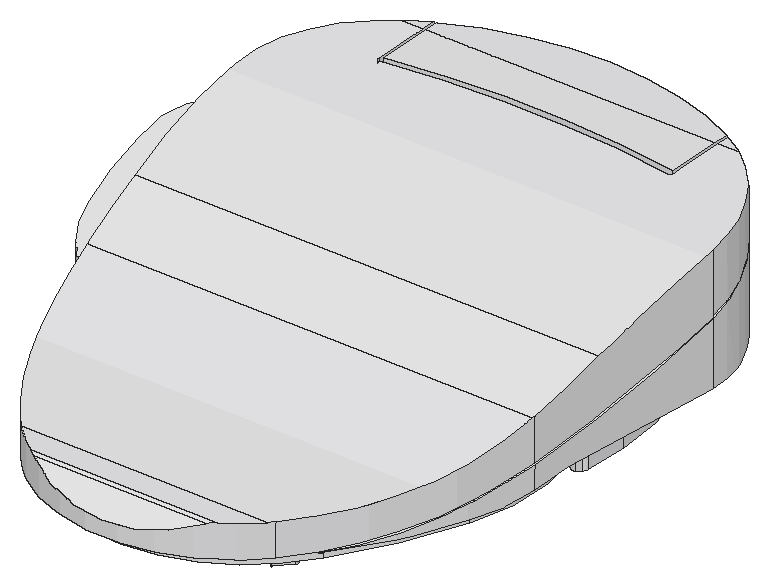
Revit family "Bidet_Seat-Elongated_Closed_Front-Cleansing-KOHLER-C3-149L-K-77284T_1", category Plumbing Fixtures, host Face, Revit 2017
Family settings
  Host = Face
  Round Connector Dimension = Use Diameter
  Part Type = Normal
  OmniClass Number = 23.31.19.19.17
  OmniClass Title = Water Closet Seats
  Cut with Voids When Loaded = No
  Shared = No
  Room Calculation Point = No
Parameters (values of type "0-White")
  Width = 17 163/256"  # constant formula
  WaterSense Certified = 1 = 1  # yes
  Waste Water Outlet = "Waste Water Outlet"  # constant formula
  Waste Connection = 1 = 0  # no
  Voltage = 220 V  # constant formula
  Vent Connection = 1 = 0  # no
  URL = "http://www.kohler.com.cn/"
  Type = 1
  Product Page URL = "https://www.kohler.com.cn/product/K-77284T-0/K-77284T-0/"
  Product Name = "C3-149L"  # constant formula
  Product Documentation Link = "https://files.kohler.com.cn/pdfs/1518002805547_77817T-0%E5%AE%89%E8%A3%85.pdf"
  Pressure = 0.00 psi
  Model = "K-77284T-0"  # constant formula
  Material = "Plastic"  # constant formula
  Master Format 2014 Name = "Toilet, Bath, and Laundry Accessories"  # constant formula
  Master Format 2014 = "10 28 00"  # constant formula
  Manufacturer Address = "Kohler Beijing Office (100016) 36-2-03-B, No. 88, Liuxiang Road, Beijing"  # constant formula
  Manufacturer = "KOHLER Co."  # constant formula
  Length = 20 171/256"  # constant formula
  Hot Water Inlet = "Hot Water Inlet"  # constant formula
  Height = 5.11811"  # constant formula
  HW Connection = 1 = 0  # no
  Flow Rate = 0 GPM
  Finish = Kohler-Plastic-0-White
  Environmental Product Declaration = ""
  Electrical Note = "One Dedicated Circuit Required"  # constant formula
  Electrical Connector = 1 = 1  # yes
  Description = "Qingshubao Smart Toilet Cover"  # constant formula
  Default Elevation = 15"
  Declare Label = ""
  Date Modified = "06/25/2021"  # constant formula
  Date Created = "06/25/2021"  # constant formula
  Copyright = "Copyright KOHLER Co."  # constant formula
  Contact Us = "http://www.kohler.com.cn/contact/contact-us/"
  Cold Water Inlet = "Cold Water Inlet"  # constant formula
  CW Connection = 1 = 1  # yes
  Assembly Code = "C1030200"
  Apparent Load = 2200 VA  # constant formula
  ADA Compliant = 1 = 0  # no
Reference planes (in)
  plane 1 "Center (Front/Back)": y = 0
  plane 2: z = 0
  plane 3 "Center (Left/Right)": x = 0
  plane 4: x = -9.88135
  plane 5: x = 7.75537
  plane 6: x = -7.75537
  plane 7: y = 10.33398
  plane 8: y = -10.33398
  plane 9: y = -1.55578
  plane 10: z = 5.11811
  plane 11: z = 0.36061
  plane 12: z = 1.4236
  plane 13: z = -0.58427
  plane 14: z = 0
  plane 15: z = 0
  plane 16: z = 2.46875
  plane 17: z = 2.07504
  plane 18: y = 6.85229
  plane 19: x = -7.20804
Forms (in)
  Extrusion 1, void
    sketch origin (0, 0, 0) x (0, 1, 0) y (0, 0, 1)
      loop
        line (5.89834, 0) -> (3.76218, 0) -> (3.76218, -0.66167) -> (5.89834, -0.66167) -> (5.89834, 0)
    from -0.85559 to 0.84374
  Extrusion 2, void
    sketch origin (0, 0, 0) x (1, 0, 0) y (0, 1, 0)
      loop
        line (-3.58717, -7.94985) -> (-2.82128, -6.83302)
        arc (-2.82128, -6.83302) -> (-2.8006, -6.76373) -> (-2.82418, -6.69538) r 0.11811
        line (-2.82418, -6.69538) -> (-3.04006, -6.40739)
        arc (-3.04006, -6.40739) -> (-3.09953, -6.37596) -> (-3.16158, -6.40193) r 0.07874
        line (-3.16158, -6.40193) -> (-4.03487, -7.37183)
        arc (-4.03487, -7.37183) -> (-4.05507, -7.42245) -> (-4.03755, -7.47407) r 0.07874
        line (-4.03755, -7.47407) -> (-3.65023, -7.95236)
        arc (-3.65023, -7.95236) -> (-3.61807, -7.96692) -> (-3.58717, -7.94985) r 0.03937
      loop
        line (2.82128, -6.83302) -> (3.58717, -7.94985)
        arc (3.58717, -7.94985) -> (3.61807, -7.96692) -> (3.65023, -7.95236) r 0.03937
        line (3.65023, -7.95236) -> (4.03755, -7.47407)
        arc (4.03755, -7.47407) -> (4.05507, -7.42245) -> (4.03487, -7.37183) r 0.07874
        line (4.03487, -7.37183) -> (3.16158, -6.40193)
        arc (3.16158, -6.40193) -> (3.09953, -6.37596) -> (3.04006, -6.40739) r 0.07874
        line (3.04006, -6.40739) -> (2.82418, -6.69538)
        arc (2.82418, -6.69538) -> (2.8006, -6.76373) -> (2.82128, -6.83302) r 0.11811
    from -0.42803 to 0.63659
Dimensions and locks (in)
  "Width": plane 4 to plane 5
  "Length": plane 8 to plane 7
  equal spacing: plane 8, plane 1 "Center (Front/Back)", plane 7
  equal spacing: plane 6, plane 3 "Center (Left/Right)", plane 5
  locked: plane 4 to plane 6 at 2.12598
  plane 6 to plane 5 = 15.51073"
  locked: plane 9 to plane 7 at 11.88976
  "Height": level to plane 10
  plane 12 to level = 1.4236"
  plane 11 to level = 0.36061"
  level to plane 13 = 0.58427"
  aligned and locked: plane 2 to host face
  aligned and locked: level to host face
  aligned and locked: plane 3 "Center (Left/Right)" to nested 1
  aligned and locked: plane 1 "Center (Front/Back)" to nested 1
Automatic sketch dimensions
  host sketch curve to host sketch curve = 96"  (x2)
  Extrusion 1 sketch curve to level = 0"
  Extrusion 1 sketch curve to plane 18 = 3.0901"
  Extrusion 1 sketch curve to plane 13 = 0.07739"
  Extrusion 1 sketch curve to plane 18 = 0.95394"
  Extrusion 2 sketch curve to plane 19 = 3.17049"
  Extrusion 2 sketch curve to Extrusion 2 sketch curve = 0.00268"
  Extrusion 2 sketch curve to Extrusion 2 sketch curve = 0.06119"  (x2)
  Extrusion 2 sketch curve to Extrusion 2 sketch curve = 0.38731"
  Extrusion 2 sketch curve to Extrusion 2 sketch curve = 0.0306"  (x2)
  plane 8 to Extrusion 2 sketch curve = 2.38414"
  Extrusion 2 sketch curve to Extrusion 2 sketch curve = 0.03247"  (x2)
  Extrusion 2 sketch curve to Extrusion 2 sketch curve = 0.87329"
  Extrusion 2 sketch curve to Extrusion 2 sketch curve = 0.05852"  (x3)
  Extrusion 2 sketch curve to Extrusion 2 sketch curve = 0.063"  (x2)
  Extrusion 2 sketch curve to Extrusion 2 sketch curve = 0.18437"
  Extrusion 2 sketch curve to Extrusion 2 sketch curve = 0.09451"  (x2)
  Extrusion 2 sketch curve to Extrusion 2 sketch curve = 0.09741"
  Extrusion 2 sketch curve to Extrusion 2 sketch curve = 0.00251"  (x2)
  Extrusion 2 sketch curve to Extrusion 2 sketch curve = 0.47829"  (x2)
  Extrusion 2 sketch curve to Extrusion 2 sketch curve = 0.04955"  (x2)
  Extrusion 2 sketch curve to Extrusion 2 sketch curve = 0.59149"  (x2)
  Extrusion 2 sketch curve to Extrusion 2 sketch curve = 0.0668"  (x2)
  Extrusion 2 sketch curve to Extrusion 2 sketch curve = 0.3116"  (x2)
  Extrusion 2 sketch curve to Extrusion 2 sketch curve = 0.04723"  (x2)
  plane 3 "Center (Left/Right)" to Extrusion 2 sketch curve = 2.82128"
  Extrusion 2 sketch curve to Extrusion 2 sketch curve = 0.0029"
  Extrusion 2 sketch curve to Extrusion 2 sketch curve = 0.21588"
  Extrusion 2 sketch curve to Extrusion 2 sketch curve = 0.76589"
  Extrusion 2 sketch curve to Extrusion 2 sketch curve = 0.35672"
  plane 8 to Extrusion 2 sketch curve = 2.85992"
Nested families (in)
  nested 1: "K-77284T" at (0, 0, -0.62992), type "K-77284T"
Connectors (in)
  electrical at (-7.20826, 6.85166, 2.46875), driven by "Voltage", driven by "Apparent Load", driven by "Electrical Connector", driven by "Electrical Note"
    settings: on nested 1, index 1, voltage 220 V, apparent load 2200 VA, apparent load phase1 0 VA, apparent load phase2 0 VA, apparent load phase3 0 VA, power factor 1, load classification "Power", number of poles 1, system type 30, power factor state 1, is connector primary yes, connector utility yes, sub classification motor no, connector description "One Dedicated Circuit Required"
  piping at (-7.20826, 6.85166, 2.07504), diameter 0.5, driven by "Flow Rate", driven by "CW Connection", driven by "Cold Water Inlet"
    settings: on nested 1, index 2, connector inside diameter 24", connector length 0", flow factor 0, pipe flow 0 GPM, pressure drop 0.00 psi, fitting loss kfactor 0, connector angle 0.00°, fixture units 0, engagement length 0", angle of deflection 0.00°, flow configuration 0, flow direction 1, fitting loss method 0, system type 20, joint type 0, gender type 0, connector reference index -1, connector utility 1, adjustable connector no, is connector primary yes, connector description "Cold Water Inlet"
Definition of nested family "K-77284T"
  Parameters (values of type "K-77284T")
    Material = none
  Reference planes (in)
    plane 1 "Center (Front/Back)": y = 0
    plane 2: z = 0
    plane 3 "Center (Left/Right)": x = 0
    plane 4: x = 7.75591
    plane 5: x = -7.75591
    plane 6: y = 10.33465
    plane 7: y = -10.33465
    plane 8: x = -9.88189
    plane 9: z = 5.74803
    plane 10: z = 0.62992
    plane 11: z = 2.05352
    plane 12: z = 0.36061
    plane 13: y = -1.55512
    plane 14: z = 3.09867
    plane 15: z = 2.70497
  Forms (in)
    Extrusion 1, solid, material <- "Material", detail levels medium+fine
      sketch origin (0, 0, 0) x (1, 0, 0) y (0, 1, 0)
        loop
          arc (-4.1611, -8.43538) -> (0, -10.33465) -> (4.1611, -8.43538) r 5.50792
          arc (4.1611, -8.43538) -> (6.1734, -5.32654) -> (7.24698, -1.78229) r 13.25333
          arc (7.24698, -1.78229) -> (7.62848, 1.50716) -> (7.75591, 4.8162) r 43.03057
          spline (7.75591, 4.8162) -> (7.49156, 6.24503) -> (6.71674, 7.57536) -> (5.4842, 8.7181) -> (3.87777, 9.59517) -> (2.00733, 10.14659) -> (0, 10.33458) -> (-2.00732, 10.14656) -> (-3.87784, 9.5953) -> (-5.4841, 8.71838) -> (-6.71664, 7.57556) -> (-7.49152, 6.24469) -> (-7.75591, 4.8162)
          arc (-7.75591, 4.8162) -> (-7.62848, 1.50716) -> (-7.24698, -1.78229) r 43.03057
          arc (-7.24698, -1.78229) -> (-6.1734, -5.32654) -> (-4.1611, -8.43538) r 13.25333
      from 0.99806 to 5.74803
    Extrusion 2, void
      sketch origin (0, 0, 0) x (0, 1, 0) y (0, 0, 1)
        loop
          line (-9.43251, 2.05352) -> (-8.60086, 2.05352)
          arc (-8.60086, 2.05352) -> (-5.16909, 2.35718) -> (-1.84395, 3.25871) r 19.54405
          arc (-1.84395, 3.25871) -> (-0.67824, 3.69781) -> (0.481, 4.15373) r 86.12169
          arc (0.481, 4.15373) -> (4.52798, 5.3458) -> (8.72765, 5.74803) r 22.1254
          line (8.72765, 5.74803) -> (12.24934, 5.74803) -> (12.24934, 7.16535) -> (-11.37271, 7.16535) -> (-11.37271, 1.47352) -> (-10.33465, 1.47352) -> (-9.56676, 2.01119)
          arc (-9.56676, 2.01119) -> (-9.5029, 2.04269) -> (-9.43251, 2.05352) r 0.23406
      from -13.23151 to 11.10812
    Extrusion 3, void
      sketch origin (0, 0, 0) x (1, 0, 0) y (0, 1, 0)
        loop
          line (-4.79232, 9.63353) -> (-4.79232, 6.91421)
          arc (-4.79232, 6.91421) -> (-4.76926, 6.85853) -> (-4.71358, 6.83547) r 0.07874
          arc (-4.71358, 6.83547) -> (0, 7.15272) -> (4.71358, 6.83547) r 35.17403
          arc (4.71358, 6.83547) -> (4.76926, 6.85853) -> (4.79232, 6.91421) r 0.07874
          line (4.79232, 6.91421) -> (4.79232, 9.63353) -> (4.70977, 9.63353) -> (4.70977, 7.01709)
          arc (4.70977, 7.01709) -> (0, 7.35332) -> (-4.70977, 7.01709) r 33.154
          line (-4.70977, 7.01709) -> (-4.70977, 9.63353) -> (-4.79232, 9.63353)
      from 5.11346 to 8.77571
    Extrusion 4, solid, material <- "Material", detail levels medium+fine
      sketch origin (0, 0, 0) x (1, 0, 0) y (0, 1, 0)
        loop
          arc (-4.42629, -7.54412) -> (0.23535, -9.84584) -> (4.68689, -7.16021) r 5.41467
          arc (4.68689, -7.16021) -> (5.70383, -5.3598) -> (6.47059, -3.43946) r 15.41096
          arc (6.47059, -3.43946) -> (0, 5.45337) -> (-6.47059, -3.43946) r 6.80048
          arc (-6.47059, -3.43946) -> (-5.60196, -5.56825) -> (-4.42629, -7.54412) r 15.41096
        loop
          arc (-1.76588, -6.97058) -> (0.00015, -7.8686) -> (1.76619, -6.97058) r 2.18553
          arc (1.76619, -6.97058) -> (3.41428, -3.82058) -> (4.07249, -0.32695) r 12.06174
          arc (4.07249, -0.32695) -> (0, 3.90463) -> (-4.07249, -0.32695) r 4.07548
          arc (-4.07249, -0.32695) -> (-3.41428, -3.82058) -> (-1.76588, -6.97058) r 12.06174
      from 0.63622 to 1.55
    Extrusion 5, void
      sketch origin (0, 0, 0) x (0, 1, 0) y (0, 0, 1)
        loop
          line (-9.54724, 0.6362) -> (-9.54724, 0.36061) -> (10.76392, 0.36061) -> (10.76392, 1.35867) -> (-0.64333, 1.35867)
          arc (-0.64333, 1.35867) -> (-1.679, 1.17167) -> (-2.72027, 1.01891) r 31.91272
          arc (-2.72027, 1.01891) -> (-5.67278, 0.73198) -> (-8.63765, 0.6362) r 45.93796
          line (-8.63765, 0.6362) -> (-9.54724, 0.6362)
      from -9.84252 to 9.84252
    Extrusion 6, solid, material <- "Material", detail levels medium+fine
      sketch origin (0, 0, 0) x (1, 0, 0) y (0, 1, 0)
        loop
          line (-2.26156, 3.95799) -> (2.26156, 3.95799)
          arc (2.26156, 3.95799) -> (4.98122, 3.0196) -> (6.54353, 0.60376) r 4.41027
          arc (6.54353, 0.60376) -> (6.683, 0.3881) -> (6.92578, 0.30433) r 0.3937
          line (6.92578, 0.30433) -> (7.13441, 0.30433)
          arc (7.13441, 0.30433) -> (7.22308, 0.34106) -> (7.25981, 0.42973) r 0.12539
          line (7.25981, 0.42973) -> (7.25981, 1.82959)
          arc (7.25981, 1.82959) -> (0, 9.0894) -> (-7.25981, 1.82959) r 7.25981
          line (-7.25981, 1.82959) -> (-7.25981, 0.42973)
          arc (-7.25981, 0.42973) -> (-7.22308, 0.34106) -> (-7.13441, 0.30433) r 0.12539
          line (-7.13441, 0.30433) -> (-6.92578, 0.30433)
          arc (-6.92578, 0.30433) -> (-6.683, 0.3881) -> (-6.54353, 0.60376) r 0.3937
          arc (-6.54353, 0.60376) -> (-4.98122, 3.0196) -> (-2.26156, 3.95799) r 4.41027
      from 0.62992 to 1.35867
    Sweep 7, void
      path in 3D
        loop
          line (7.25981, 0.05794, 0.62992) -> (7.25981, 1.82959, 0.62992)
          arc (7.25981, 1.82959, 0.62992) -> (0, 9.0894, 0.62992) -> (-7.25981, 1.82959, 0.62992) r 7.25981
          line (-7.25981, 1.82959, 0.62992) -> (-7.25981, -0.2184, 0.62992)
      profile origin (0, 9.0894, 0.62992) x (0, 1, 0) y (0, 0, -1)
        loop
          line (0, 0) -> (-0.41994, 0) -> (0, -0.16615) -> (0, 0)
    Extrusion 8, void
      sketch origin (0, 0, 0) x (0, 1, 0) y (0, 0, 1)
        loop
          arc (9.15501, 5.11346) -> (9.01421, 4.69705) -> (8.64962, 4.45153) r 0.68617
          arc (8.64962, 4.45153) -> (2.52282, 2.89184) -> (-3.65438, 1.54552) r 182.31005
          arc (-3.65438, 1.54552) -> (-6.29738, 1.14613) -> (-8.96628, 0.99806) r 28.28005
          line (-8.96628, 0.99806) -> (-8.96628, 0.95239)
          arc (-8.96628, 0.95239) -> (-6.29289, 1.10068) -> (-3.64543, 1.50074) r 28.32572
          arc (-3.64543, 1.50074) -> (2.53331, 2.84739) -> (8.66165, 4.40747) r 182.35572
          arc (8.66165, 4.40747) -> (9.0504, 4.66942) -> (9.20053, 5.11346) r 0.7317
          line (9.20053, 5.11346) -> (9.15501, 5.11346)
      from -10.51441 to 9.84252
    Extrusion 9, solid, material <- "Material"
      sketch origin (0, 0, 0) x (1, 0, 0) y (0, 1, 0)
        loop
          line (-3.58717, -7.94985) -> (-2.82128, -6.83302)
          arc (-2.82128, -6.83302) -> (-2.8006, -6.76373) -> (-2.82418, -6.69538) r 0.11811
          line (-2.82418, -6.69538) -> (-3.04006, -6.40739)
          arc (-3.04006, -6.40739) -> (-3.09953, -6.37596) -> (-3.16158, -6.40193) r 0.07874
          line (-3.16158, -6.40193) -> (-4.03487, -7.37183)
          arc (-4.03487, -7.37183) -> (-4.05507, -7.42245) -> (-4.03755, -7.47407) r 0.07874
          line (-4.03755, -7.47407) -> (-3.65023, -7.95236)
          arc (-3.65023, -7.95236) -> (-3.61807, -7.96692) -> (-3.58717, -7.94985) r 0.03937
        loop
          arc (3.58717, -7.94985) -> (3.61807, -7.96692) -> (3.65023, -7.95236) r 0.03937
          line (3.65023, -7.95236) -> (4.03755, -7.47407)
          arc (4.03755, -7.47407) -> (4.05507, -7.42245) -> (4.03487, -7.37183) r 0.07874
          line (4.03487, -7.37183) -> (3.16158, -6.40193)
          arc (3.16158, -6.40193) -> (3.09953, -6.37596) -> (3.04006, -6.40739) r 0.07874
          line (3.04006, -6.40739) -> (2.82418, -6.69538)
          arc (2.82418, -6.69538) -> (2.8006, -6.76373) -> (2.82128, -6.83302) r 0.11811
          line (2.82128, -6.83302) -> (3.58717, -7.94985)
      from 0.36063 to 1.55
    Extrusion 10, solid, material <- "Material", detail levels medium+fine
      sketch origin (0, 0, 0.21297) x (0, 1, 0) y (0, 0, 1)
        loop
          arc (-2.39361, 0.48791) -> (-2.27889, 0.43518) -> (-2.15337, 0.42148) r 0.3937
          line (-2.15337, 0.42148) -> (-0.13671, 0.52717)
          arc (-0.13671, 0.52717) -> (-0.03555, 0.57115) -> (0.01193, 0.67071) r 0.15748
          line (0.01193, 0.67071) -> (0.05349, 1.1457) -> (-0.64333, 1.1457)
          arc (-0.64333, 1.1457) -> (-1.679, 0.95869) -> (-2.72027, 0.80594) r 31.91272
          arc (-2.72027, 0.80594) -> (-2.78174, 0.798) -> (-2.84321, 0.79014) r 45.93796
          line (-2.84321, 0.79014) -> (-2.39361, 0.48791)
      from 4.56709 to 6.44496
    Extrusion 11, solid, material <- "Material", detail levels medium+fine
      sketch origin (0, 0, 0.36061) x (0, 1, 0) y (0, 0, -1)
        loop
          line (-0.13671, -0.37953) -> (-2.15337, -0.27384)
          arc (-2.15337, -0.27384) -> (-2.27889, -0.28754) -> (-2.39361, -0.34027) r 0.3937
          line (-2.39361, -0.34027) -> (-3.0844, -0.80463) -> (0.07278, -1.21857) -> (0.01193, -0.52307)
          arc (0.01193, -0.52307) -> (-0.03555, -0.42352) -> (-0.13671, -0.37953) r 0.15748
      from 4.56709 to 6.44496
    Extrusion 12, solid, material <- "Material", detail levels medium+fine
      sketch origin (0, 0, 0) x (0, 1, 0) y (0, 0, 1)
        loop
          line (6.52211, 3.87117) -> (-1.53424, 1.6399)
          arc (-1.53424, 1.6399) -> (-1.54931, 1.62969) -> (-1.55512, 1.61245) r 0.02848
          line (-1.55512, 1.61245) -> (-1.55512, 1.52381)
          arc (-1.55512, 1.52381) -> (-1.5458, 1.50501) -> (-1.52519, 1.50105) r 0.02362
          line (-1.52519, 1.50105) -> (-1.48906, 1.51105) -> (-1.44456, 1.08759)
          arc (-1.44456, 1.08759) -> (-1.40488, 1.02156) -> (-1.3288, 1.00951) r 0.09113
          line (-1.3288, 1.00951) -> (6.06415, 3.1294)
          arc (6.06415, 3.1294) -> (6.28502, 3.26742) -> (6.39919, 3.5015) r 0.47244
          line (6.39919, 3.5015) -> (6.42444, 3.64474) -> (6.51892, 3.67183) -> (6.54966, 3.84613)
          arc (6.54966, 3.84613) -> (6.54278, 3.86625) -> (6.52211, 3.87117) r 0.02201
      from -10.56348 to -5.551
    Extrusion 13, void
      sketch origin (0, 0, 0) x (1, 0, 0) y (0, 1, 0)
        loop
          line (-6.89276, 6.78489) -> (-11.02662, 6.78489) -> (-11.02662, -1.55512) -> (-7.28161, -1.55512)
          arc (-7.28161, -1.55512) -> (-7.88353, -1.19172) -> (-8.43903, -0.76068) r 6.02524
          arc (-8.43903, -0.76068) -> (-9.12918, 0.05124) -> (-9.5525, 1.02914) r 3.61343
          arc (-9.5525, 1.02914) -> (-9.79919, 2.27548) -> (-9.88189, 3.54331) r 9.75979
          line (-9.88189, 3.54331) -> (-9.88189, 4.09677)
          arc (-9.88189, 4.09677) -> (-9.65858, 4.93018) -> (-9.04848, 5.54028) r 1.66682
          line (-9.04848, 5.54028) -> (-6.89276, 6.78489)
      from 0 to 9.84252
    Extrusion 14, solid, material <- "Material"
      sketch origin (0, 0, 0) x (0, 1, 0) y (0, 0, 1)
        loop
          line (5.84261, 0.62992) -> (4.05957, 0.62992) -> (4.05957, 0.22551) -> (4.01967, 0.22551) -> (4.01967, 0.14855) -> (4.27872, 0.04911)
          arc (4.27872, 0.04911) -> (4.34807, 0.02955) -> (4.41981, 0.02296) r 0.3937
          line (4.41981, 0.02296) -> (4.57874, 0.02296)
          arc (4.57874, 0.02296) -> (4.61548, 0.02882) -> (4.64858, 0.04582) r 0.11811
          line (4.64858, 0.04582) -> (4.83377, 0.18161)
          arc (4.83377, 0.18161) -> (4.85584, 0.19294) -> (4.88033, 0.19685) r 0.07874
          line (4.88033, 0.19685) -> (5.24585, 0.19685)
          arc (5.24585, 0.19685) -> (5.31229, 0.2084) -> (5.37094, 0.24171) r 0.19685
          line (5.37094, 0.24171) -> (5.84261, 0.62992)
      from -0.62921 to 0.55744
    Extrusion 15, solid, material <- "Material", detail levels coarse
      sketch origin (0, 0, 0) x (1, 0, 0) y (0, 1, 0)
        loop
          arc (-4.1611, -8.43538) -> (0, -10.33465) -> (4.1611, -8.43538) r 5.50792
          arc (4.1611, -8.43538) -> (6.1734, -5.32654) -> (7.24698, -1.78229) r 13.25333
          arc (7.24698, -1.78229) -> (7.62848, 1.50716) -> (7.75591, 4.8162) r 43.03057
          spline (7.75591, 4.8162) -> (7.49156, 6.24503) -> (6.71674, 7.57536) -> (5.4842, 8.7181) -> (3.87777, 9.59517) -> (2.00733, 10.14659) -> (0, 10.33458) -> (-2.00732, 10.14656) -> (-3.87784, 9.5953) -> (-5.4841, 8.71838) -> (-6.71664, 7.57556) -> (-7.49152, 6.24469) -> (-7.75591, 4.8162)
          arc (-7.75591, 4.8162) -> (-7.62848, 1.50716) -> (-7.24698, -1.78229) r 43.03057
          arc (-7.24698, -1.78229) -> (-6.1734, -5.32654) -> (-4.1611, -8.43538) r 13.25333
      from 0.62992 to 5.74803
    Extrusion 16, void
      sketch origin (0, 0, 0) x (0, 1, 0) y (0, 0, 1)
        loop
          line (-11.61776, 1.34062) -> (4.50398, 5.46003)
          arc (4.50398, 5.46003) -> (5.64019, 5.67575) -> (6.79444, 5.74803) r 9.25197
          line (6.79444, 5.74803) -> (6.79444, 6.85243) -> (-11.61776, 6.85243) -> (-11.61776, 1.34062)
      from -11.84352 to 9.84252
    Extrusion 17, solid, material <- "Material", detail levels coarse
      sketch origin (0, 0, 0) x (0, 1, 0) y (0, 0, 1)
        loop
          line (-1.48506, 0.9647) -> (6.68385, 3.3071) -> (6.52211, 3.87117) -> (-1.66224, 1.60445) -> (-1.48506, 0.9647)
      from -9.88189 to -4.79232
    Extrusion 18, solid, material <- "Material", detail levels medium+fine
      sketch origin (-4.96794, -3.6939, 0) x (0.5, 0.866025, 0) y (0, 0, 1)
        loop
          circle (8.01256, 3.09867) r 0.09843
        loop
          circle (8.01256, 2.70497) r 0.09843
      from -7.21296 to -7.15366
  Cuts and joins
    Extrusion 2, Extrusion 3, Extrusion 5, Extrusion 8 cuts Extrusion 1
    Sweep 7 cuts Extrusion 6
    joined: Extrusion 1, Extrusion 6, Extrusion 10, Extrusion 11
    Extrusion 13 cuts Extrusion 12
    joined: Extrusion 4, Extrusion 12
    Extrusion 16 cuts Extrusion 15
    joined: Extrusion 15, Extrusion 17
    joined: Extrusion 9, Extrusion 14
  Lines and regions (in)
    Masking region 1
      outline origin (0, 0, 0) x (1, 0, 0) y (0, 1, 0)
        loop
          arc (-4.1611, -8.43538) -> (0, -10.33465) -> (4.1611, -8.43538) r 5.50792
          arc (4.1611, -8.43538) -> (6.1734, -5.32654) -> (7.24698, -1.78229) r 13.25333
          arc (7.24698, -1.78229) -> (7.62848, 1.50716) -> (7.75591, 4.8162) r 43.03057
          spline (7.75591, 4.8162) -> (7.54099, 6.10628) -> (6.90817, 7.32486) -> (5.89251, 8.40441) -> (4.55029, 9.28512) -> (2.95589, 9.91815) -> (1.19769, 10.26845) -> (-0.62689, 10.31659) -> (-2.41672, 10.05991) -> (-4.07263, 9.51262) -> (-5.50283, 8.70507) -> (-6.62808, 7.682) -> (-7.386, 6.50011)
          line (-7.386, 6.50011) -> (-9.04848, 5.54028)
          arc (-9.04848, 5.54028) -> (-9.65858, 4.93018) -> (-9.88189, 4.09677) r 1.66682
          line (-9.88189, 4.09677) -> (-9.88189, 3.54331)
          arc (-9.88189, 3.54331) -> (-9.79919, 2.27548) -> (-9.5525, 1.02914) r 9.75979
          arc (-9.5525, 1.02914) -> (-9.12918, 0.05124) -> (-8.43903, -0.76068) r 3.61343
          arc (-8.43903, -0.76068) -> (-7.88284, -1.1922) -> (-7.28011, -1.55591) r 6.02524
          arc (-7.28011, -1.55591) -> (-6.22109, -5.22255) -> (-4.1611, -8.43538) r 13.25333
    Masking region 2
      outline origin (0, 0, 0) x (1, 0, 0) y (0, 0, 1)
        loop
          line (-9.88189, 3.19396) -> (-9.88189, 2.40656)
          spline (-9.88189, 2.40656) -> (-9.87959, 2.34549) -> (-9.87263, 2.28445) -> (-9.86101, 2.22346) -> (-9.84475, 2.16255) -> (-9.82384, 2.10175) -> (-9.7983, 2.04108) -> (-9.76814, 1.98058) -> (-9.73338, 1.92026) -> (-9.69402, 1.86016) -> (-9.65008, 1.8003) -> (-9.60159, 1.74071) -> (-9.54849, 1.68147)
          spline (-9.54849, 1.68147) -> (-9.49962, 1.6339) -> (-9.44263, 1.58701) -> (-9.37764, 1.54093) -> (-9.3048, 1.49574) -> (-9.22427, 1.45156) -> (-9.13623, 1.40848) -> (-9.04089, 1.36659) -> (-8.93845, 1.326) -> (-8.82914, 1.2868) -> (-8.71321, 1.24906) -> (-8.59093, 1.21289) -> (-8.46256, 1.17835)
          spline (-8.46256, 1.17835) -> (-8.39612, 1.16176) -> (-8.32878, 1.14544) -> (-8.26058, 1.1294) -> (-8.19153, 1.11364) -> (-8.12163, 1.09817) -> (-8.05091, 1.08298) -> (-7.97938, 1.06808) -> (-7.90705, 1.05348) -> (-7.83395, 1.03917) -> (-7.76009, 1.02516) -> (-7.68548, 1.01146) -> (-7.61015, 0.99806)
          line (-7.61015, 0.99806) -> (-7.26028, 0.99806) -> (-7.26028, 0.79626) -> (-6.83987, 0.62992) -> (-4.05509, 0.62992) -> (-4.05509, 0.36061) -> (-2.80057, 0.36061) -> (-2.80057, 0.62992) -> (-0.62921, 0.62992) -> (-0.62921, 0) -> (0.55744, 0) -> (0.55744, 0.62992) -> (2.80057, 0.62992) -> (2.80057, 0.36061) -> (4.05509, 0.36061) -> (4.05509, 0.63622) -> (6.85579, 0.63622) -> (7.26028, 0.79626) -> (7.26028, 0.99806)
          arc (7.26028, 0.99806) -> (7.61077, 1.14353) -> (7.75591, 1.49416) r 0.4961
          line (7.75591, 1.49416) -> (7.75591, 5.39954)
          spline (7.75591, 5.39954) -> (7.73615, 5.46586) -> (7.67937, 5.52425) -> (7.58528, 5.57513) -> (7.45575, 5.61849) -> (7.29327, 5.65437) -> (7.10076, 5.68327) -> (6.88117, 5.70585) -> (6.63719, 5.72279) -> (6.37156, 5.73479) -> (6.08741, 5.74255) -> (5.78725, 5.74676) -> (5.47074, 5.74803)
          line (5.47074, 5.74803) -> (-5.47104, 5.74803)
          spline (-5.47104, 5.74803) -> (-5.78753, 5.74676) -> (-6.08765, 5.74255) -> (-6.37175, 5.73479) -> (-6.63732, 5.72279) -> (-6.8812, 5.70585) -> (-7.10069, 5.68326) -> (-7.29315, 5.65436) -> (-7.45562, 5.61848) -> (-7.5852, 5.57512) -> (-7.67935, 5.52424) -> (-7.73616, 5.46585) -> (-7.75591, 5.39954)
          line (-7.75591, 5.39954) -> (-7.75591, 3.80593) -> (-9.07967, 3.59426)
          spline (-9.07967, 3.59426) -> (-9.19936, 3.57182) -> (-9.31158, 3.54678) -> (-9.41554, 3.51931) -> (-9.51049, 3.48962) -> (-9.59579, 3.4579) -> (-9.67081, 3.42439) -> (-9.73504, 3.38931) -> (-9.78801, 3.35293) -> (-9.82937, 3.31548) -> (-9.85881, 3.27724) -> (-9.87613, 3.23847) -> (-9.88121, 3.19945)
    Masking region 3
      outline origin (0, 0, 0) x (0, 1, 0) y (0, 0, 1)
        loop
          line (10.33465, 0.99806) -> (10.33465, 5.13131) -> (9.71792, 5.74803) -> (8.72765, 5.74803)
          arc (8.72765, 5.74803) -> (4.52798, 5.3458) -> (0.481, 4.15373) r 22.1254
          arc (0.481, 4.15373) -> (-0.64758, 3.70962) -> (-1.78229, 3.28145) r 86.12169
          arc (-1.78229, 3.28145) -> (-5.48656, 2.30497) -> (-9.30912, 2.05352) r 19.97649
          line (-9.30912, 2.05352) -> (-9.5444, 2.05352)
          arc (-9.5444, 2.05352) -> (-9.59175, 2.04624) -> (-9.63472, 2.02504) r 0.15748
          line (-9.63472, 2.02504) -> (-10.21481, 1.61886)
          arc (-10.21481, 1.61886) -> (-10.27323, 1.55455) -> (-10.29827, 1.47134) r 0.19685
          line (-10.29827, 1.47134) -> (-10.33465, 0.95116) -> (-9.85064, 0.95116) -> (-9.85064, 0.71494)
          arc (-9.85064, 0.71494) -> (-9.82758, 0.65926) -> (-9.7719, 0.6362) r 0.07874
          line (-9.7719, 0.6362) -> (-8.63765, 0.6362)
          arc (-8.63765, 0.6362) -> (-8.3033, 0.63742) -> (-7.96897, 0.64107) r 45.93796
          line (-7.96897, 0.64107) -> (-7.77259, 0.36061) -> (-6.45833, 0.36061) -> (-6.39119, 0.62992) -> (-6.00687, 0.62992)
          arc (-6.00687, 0.62992) -> (-4.23466, 0.68505) -> (-2.46931, 0.85021) r 28.51502
          line (-2.46931, 0.85021) -> (-2.34085, 0.76385)
          arc (-2.34085, 0.76385) -> (-2.13118, 0.66415) -> (-1.90156, 0.62992) r 0.7874
          line (-1.90156, 0.62992) -> (0.01267, 0.62992) -> (0.05773, 1.14497)
          arc (0.05773, 1.14497) -> (3.11114, 1.98523) -> (6.06415, 3.1294) r 31.33592
          arc (6.06415, 3.1294) -> (3.31449, 1.89212) -> (0.42643, 1.02575) r 22.9642
          arc (0.42643, 1.02575) -> (0.33859, 0.97043) -> (0.30433, 0.87243) r 0.15731
          line (0.30433, 0.87243) -> (0.30433, 0.62992) -> (4.05957, 0.62992) -> (4.05957, 0.22551) -> (4.01967, 0.22551) -> (4.01967, 0.14855) -> (4.27872, 0.04911)
          arc (4.27872, 0.04911) -> (4.34807, 0.02955) -> (4.41981, 0.02296) r 0.3937
          line (4.41981, 0.02296) -> (4.57874, 0.02296)
          arc (4.57874, 0.02296) -> (4.61548, 0.02882) -> (4.64858, 0.04582) r 0.11811
          line (4.64858, 0.04582) -> (4.83377, 0.18161)
          arc (4.83377, 0.18161) -> (4.85584, 0.19294) -> (4.88033, 0.19685) r 0.07874
          line (4.88033, 0.19685) -> (5.24585, 0.19685)
          arc (5.24585, 0.19685) -> (5.31229, 0.2084) -> (5.37094, 0.24171) r 0.19685
          line (5.37094, 0.24171) -> (5.84261, 0.62992) -> (8.66946, 0.62992) -> (9.0894, 0.79607) -> (9.0894, 0.99806)
          arc (9.0894, 0.99806) -> (9.25066, 1.15932) -> (9.41192, 0.99806) r 0.16126
          line (9.41192, 0.99806) -> (10.33465, 0.99806)
    sketch lines
      curve 1: arc (7.25981, 1.82959, 0.62992) -> (0, 9.0894, 0.62992) -> (-7.25981, 1.82959, 0.62992) r 7.25981
      curve 2: line (-7.25981, -0.2184, 0.62992) -> (-7.25981, 1.82959, 0.62992)
      curve 3: line (7.25981, 1.82959, 0.62992) -> (7.25981, 0.05794, 0.62992)
    symbolic lines, detail levels medium+fine
      curve 4: arc (-7.75591, 4.8162, 0) -> (-7.62848, 1.50716, 0) -> (-7.24698, -1.78229, 0) r 43.03057
      curve 5: line (7.75591, 4.8162, 0) -> (-7.75591, 4.8162, 0)
      curve 6: line (-4.79232, 9.15501, 0) -> (-4.79232, 6.91421, 0)
      curve 7: line (-4.70977, 7.01709, 0) -> (-4.70977, 9.20053, 0)
      curve 8: arc (4.70977, 7.01709, 0) -> (0, 7.35332, 0) -> (-4.70977, 7.01709, 0) r 33.154
      curve 9: arc (-4.79232, 6.91421, 0) -> (-4.76926, 6.85853, 0) -> (-4.71358, 6.83547, 0) r 0.07874
      curve 10: line (4.79232, 6.91421, 0) -> (4.79232, 9.1548, 0)
      curve 11: line (4.70977, 9.20032, 0) -> (4.70977, 7.01709, 0)
      curve 12: arc (-4.71358, 6.83547, 0) -> (0, 7.15272, 0) -> (4.71358, 6.83547, 0) r 35.17403
      curve 13: arc (4.71358, 6.83547, 0) -> (4.76926, 6.85853, 0) -> (4.79232, 6.91421, 0) r 0.07874
      curve 14: arc (-4.70977, 9.07348, 0) -> (-2.62006, 9.90798, 0) -> (-0.39625, 10.25139, 0) r 9.94597
      curve 15: arc (-4.70977, 8.91072, 0) -> (0, 9.99975, 0) -> (4.70977, 8.91072, 0) r 10.72881
      curve 16: line (-7.50699, 6.20296, 0) -> (-8.95006, 5.3698, 0)
      curve 17: arc (-8.95006, 5.3698, 0) -> (-9.4881, 4.83176, 0) -> (-9.68504, 4.09677, 0) r 1.46997
      curve 18: line (-9.68504, 4.09677, 0) -> (-9.68504, 3.54331, 0)
      curve 19: arc (-9.68504, 3.54331, 0) -> (-9.60401, 2.30105, 0) -> (-9.3623, 1.07985, 0) r 9.56294
      curve 20: arc (-9.3623, 1.07985, 0) -> (-8.618, -0.30605, 0) -> (-7.33163, -1.21155, 0) r 3.41658
      curve 21: arc (-7.67717, 4.8162, 0) -> (-7.54998, 1.51321, 0) -> (-7.16917, -1.77021, 0) r 42.95183
      curve 22: arc (-7.16917, -1.77021, 0) -> (-6.10197, -5.29341, 0) -> (-4.10162, -8.38379, 0) r 13.17459
      curve 23: arc (-4.10162, -8.38379, 0) -> (0, -10.25591, 0) -> (4.10162, -8.38379, 0) r 5.42918
      curve 24: arc (4.10162, -8.38379, 0) -> (6.10197, -5.29341, 0) -> (7.16917, -1.77021, 0) r 13.17459
      curve 25: arc (7.16917, -1.77021, 0) -> (7.54998, 1.51321, 0) -> (7.67717, 4.8162, 0) r 42.95183
      curve 26: arc (-3.89047, -8.09047, 0) -> (-1.01817, -9.55198, 0) -> (2.18146, -9.16657, 0) r 5.53722
      curve 27: arc (-5.19581, -6.2525, 0) -> (-4.62945, -7.23278, 0) -> (-3.89047, -8.09047, 0) r 6.05361
      curve 28: arc (-7.18953, 4.8162, 0) -> (-6.89381, -0.84444, 0) -> (-5.19581, -6.2525, 0) r 22.54978
      curve 29: arc (-4.79232, 8.26557, 0) -> (-6.46223, 6.86843, 0) -> (-7.18953, 4.8162, 0) r 4.12983
      curve 30: arc (5.19581, -6.2525, 0) -> (4.62945, -7.23278, 0) -> (3.89047, -8.09047, 0) r 6.05361
      curve 31: arc (7.18953, 4.8162, 0) -> (6.89381, -0.84444, 0) -> (5.19581, -6.2525, 0) r 22.54978
      curve 32: arc (4.79232, 8.26557, 0) -> (6.46223, 6.86843, 0) -> (7.18953, 4.8162, 0) r 4.12983
      curve 33: arc (2.18146, -9.16657, 0) -> (3.07553, -8.69135, 0) -> (3.89047, -8.09047, 0) r 6.90415
      curve 34: line (-0.39625, 10.33465, 0) -> (0.39115, 10.33465, 0)
      curve 35: line (-0.39625, 10.1378, 0) -> (-0.39625, 10.33465, 0)
      curve 36: line (0.39115, 10.1378, 0) -> (-0.39625, 10.1378, 0)
      curve 37: line (0.39115, 10.33465, 0) -> (0.39115, 10.1378, 0)
      curve 38: arc (0.39115, 10.25159, 0) -> (2.6176, 9.90865, 0) -> (4.70977, 9.07348, 0) r 9.94597
      curve 39: arc (-4.70977, 9.07348, 0) -> (-6.80803, 7.3732, 0) -> (-7.67717, 4.8162, 0) r 4.86816
      curve 40: arc (4.70977, 9.07348, 0) -> (6.80803, 7.3732, 0) -> (7.67717, 4.8162, 0) r 4.86816
      curve 41: spline (-7.24685, 0, 3.64175) -> (-7.27611, 0, 3.71273) -> (-7.30449, 0, 3.7842) -> (-7.33199, 0, 3.85616) -> (-7.35862, 0, 3.92862) -> (-7.38436, 0, 4.00157) -> (-7.40922, 0, 4.07501) -> (-7.4332, 0, 4.14894) -> (-7.4563, 0, 4.22335) -> (-7.47851, 0, 4.29825) -> (-7.49984, 0, 4.37364) -> (-7.52029, 0, 4.4495) -> (-7.53985, 0, 4.52584)
      curve 42: spline (-6.86274, 0, 3.029) -> (-6.90357, 0, 3.07807) -> (-6.94281, 0, 3.12751) -> (-6.98046, 0, 3.17733) -> (-7.0165, 0, 3.22753) -> (-7.05095, 0, 3.27809) -> (-7.08378, 0, 3.32901) -> (-7.11501, 0, 3.38028) -> (-7.14462, 0, 3.43191) -> (-7.17261, 0, 3.48387) -> (-7.19898, 0, 3.53617) -> (-7.22373, 0, 3.5888) -> (-7.24685, 0, 3.64175)
      curve 43: line (-4.10033, 0, 2.05352) -> (-6.86274, 0, 3.029)
      curve 44: line (0, 0, 1.55007) -> (-4.59326, 0, 1.55007)
      curve 45: arc (-4.59326, 0, 1.55007) -> (-6.5367, 0, 2.17301) -> (-7.75586, 0, 3.80967) r 3.34303
      curve 46: spline (-7.24698, 0, 1.92988) -> (-7.2215, 0, 1.89661) -> (-7.1941, 0, 1.86356) -> (-7.16479, 0, 1.83072) -> (-7.13356, 0, 1.7981) -> (-7.10043, 0, 1.7657) -> (-7.0654, 0, 1.73353) -> (-7.02847, 0, 1.70159) -> (-6.98965, 0, 1.66988) -> (-6.94894, 0, 1.63842) -> (-6.90635, 0, 1.6072) -> (-6.86189, 0, 1.57623) -> (-6.81556, 0, 1.54552)
      curve 47: spline (-7.62265, 0, 2.59115) -> (-7.64403, 0, 2.6562) -> (-7.66355, 0, 2.72173) -> (-7.68119, 0, 2.78772) -> (-7.69697, 0, 2.85417) -> (-7.71088, 0, 2.92108) -> (-7.72292, 0, 2.98846) -> (-7.73309, 0, 3.05628) -> (-7.74138, 0, 3.12456) -> (-7.74781, 0, 3.19329) -> (-7.75237, 0, 3.26246) -> (-7.75505, 0, 3.33208) -> (-7.75586, 0, 3.40213)
      curve 48: line (-6.81556, 0, 1.54552) -> (-4.11517, 0, 0.99806)
      curve 49: line (-7.62265, 0, 0.99806) -> (7.25981, 0, 0.99806)
      curve 50: spline (-9.54874, 0, 2.34607) -> (-9.49986, 0, 2.30009) -> (-9.44286, 0, 2.25478) -> (-9.37787, 0, 2.21024) -> (-9.30503, 0, 2.16658) -> (-9.22451, 0, 2.12388) -> (-9.13649, 0, 2.08226) -> (-9.04116, 0, 2.0418) -> (-8.93875, 0, 2.00259) -> (-8.82949, 0, 1.96472) -> (-8.71361, 0, 1.92828) -> (-8.59138, 0, 1.89335) -> (-8.46309, 0, 1.86)
      curve 51: spline (-8.46309, 0, 1.86) -> (-8.37529, 0, 1.83892) -> (-8.28595, 0, 1.81829) -> (-8.19512, 0, 1.79814) -> (-8.10283, 0, 1.77847) -> (-8.00911, 0, 1.75928) -> (-7.914, 0, 1.74059) -> (-7.81754, 0, 1.7224) -> (-7.71976, 0, 1.70472) -> (-7.6207, 0, 1.68755) -> (-7.52039, 0, 1.6709) -> (-7.41888, 0, 1.65479) -> (-7.31621, 0, 1.6392)
      curve 52: spline (-9.88189, 0, 3.04617) -> (-9.87959, 0, 2.9872) -> (-9.87263, 0, 2.92826) -> (-9.86102, 0, 2.86937) -> (-9.84477, 0, 2.81056) -> (-9.82388, 0, 2.75185) -> (-9.79836, 0, 2.69327) -> (-9.76822, 0, 2.63485) -> (-9.73348, 0, 2.57662) -> (-9.69414, 0, 2.51859) -> (-9.65024, 0, 2.46079) -> (-9.60179, 0, 2.40326) -> (-9.5488, 0, 2.34601)
      curve 53: spline (-7.40359, 0, 1.51105) -> (-7.41037, 0, 1.47513) -> (-7.41712, 0, 1.4392) -> (-7.42386, 0, 1.40327) -> (-7.43057, 0, 1.36733) -> (-7.43727, 0, 1.3314) -> (-7.44395, 0, 1.29545) -> (-7.45061, 0, 1.25951) -> (-7.45725, 0, 1.22356) -> (-7.46387, 0, 1.18761) -> (-7.47047, 0, 1.15165) -> (-7.47705, 0, 1.11569) -> (-7.48362, 0, 1.07973)
      curve 54: line (-7.28161, 0, 1.61387) -> (-7.28161, 0, 1.5218)
      curve 55: spline (-7.31621, 0, 1.6392) -> (-7.3126, 0, 1.63891) -> (-7.30903, 0, 1.63824) -> (-7.30553, 0, 1.63722) -> (-7.30213, 0, 1.63583) -> (-7.29886, 0, 1.6341) -> (-7.29574, 0, 1.63204) -> (-7.2928, 0, 1.62967) -> (-7.29006, 0, 1.627) -> (-7.28756, 0, 1.62406) -> (-7.2853, 0, 1.62088) -> (-7.28331, 0, 1.61747) -> (-7.28161, 0, 1.61387)
      curve 56: spline (-7.32791, 0, 1.49958) -> (-7.33424, 0, 1.50053) -> (-7.34057, 0, 1.50147) -> (-7.34689, 0, 1.50242) -> (-7.35321, 0, 1.50337) -> (-7.35952, 0, 1.50433) -> (-7.36583, 0, 1.50528) -> (-7.37214, 0, 1.50624) -> (-7.37844, 0, 1.5072) -> (-7.38473, 0, 1.50816) -> (-7.39102, 0, 1.50912) -> (-7.39731, 0, 1.51008) -> (-7.40359, 0, 1.51105)
      curve 57: spline (-7.28161, 0, 1.5218) -> (-7.28449, 0, 1.51798) -> (-7.28765, 0, 1.51445) -> (-7.29105, 0, 1.51124) -> (-7.29467, 0, 1.50837) -> (-7.29848, 0, 1.50587) -> (-7.30245, 0, 1.50374) -> (-7.30655, 0, 1.50202) -> (-7.31075, 0, 1.50072) -> (-7.31502, 0, 1.49983) -> (-7.31932, 0, 1.49938) -> (-7.32362, 0, 1.49936) -> (-7.32788, 0, 1.49977)
      curve 58: spline (-7.48362, 0, 1.07973) -> (-7.49263, 0, 1.06828) -> (-7.5023, 0, 1.0576) -> (-7.51258, 0, 1.04776) -> (-7.52342, 0, 1.03881) -> (-7.53476, 0, 1.03079) -> (-7.54653, 0, 1.02375) -> (-7.55867, 0, 1.01773) -> (-7.57112, 0, 1.01276) -> (-7.58382, 0, 1.00887) -> (-7.59668, 0, 1.00607) -> (-7.60965, 0, 1.00439) -> (-7.62265, 0, 1.00382)
      curve 59: line (-0.62921, 0, 0.14855) -> (0.55189, 0, 0.14855)
      curve 60: line (-0.62921, 0, 0.62992) -> (0.55744, 0, 0.62992)
      curve 61: spline (7.24685, 0, 3.64175) -> (7.27611, 0, 3.71273) -> (7.30449, 0, 3.7842) -> (7.33199, 0, 3.85616) -> (7.35862, 0, 3.92862) -> (7.38436, 0, 4.00157) -> (7.40922, 0, 4.07501) -> (7.4332, 0, 4.14894) -> (7.4563, 0, 4.22335) -> (7.47851, 0, 4.29825) -> (7.49984, 0, 4.37364) -> (7.52029, 0, 4.4495) -> (7.53985, 0, 4.52584)
      curve 62: spline (6.86274, 0, 3.029) -> (6.90357, 0, 3.07807) -> (6.94281, 0, 3.12751) -> (6.98046, 0, 3.17733) -> (7.0165, 0, 3.22753) -> (7.05095, 0, 3.27809) -> (7.08378, 0, 3.32901) -> (7.11501, 0, 3.38028) -> (7.14462, 0, 3.43191) -> (7.17261, 0, 3.48387) -> (7.19898, 0, 3.53617) -> (7.22373, 0, 3.5888) -> (7.24685, 0, 3.64175)
      curve 63: line (4.10033, 0, 2.05352) -> (6.86274, 0, 3.029)
      curve 64: line (0, 0, 1.55007) -> (4.59326, 0, 1.55007)
      curve 65: arc (4.59326, 0, 1.55007) -> (6.5367, 0, 2.17301) -> (7.75586, 0, 3.80967) r 3.34303
      curve 66: spline (7.24698, 0, 1.92988) -> (7.2215, 0, 1.89661) -> (7.1941, 0, 1.86356) -> (7.16479, 0, 1.83072) -> (7.13356, 0, 1.7981) -> (7.10043, 0, 1.7657) -> (7.0654, 0, 1.73353) -> (7.02847, 0, 1.70159) -> (6.98965, 0, 1.66988) -> (6.94894, 0, 1.63842) -> (6.90635, 0, 1.6072) -> (6.86189, 0, 1.57623) -> (6.81556, 0, 1.54552)
      curve 67: spline (7.24867, 0, 1.88544) -> (7.32977, 0, 2.00182) -> (7.40384, 0, 2.12008) -> (7.47086, 0, 2.24022) -> (7.53084, 0, 2.3622) -> (7.58376, 0, 2.48601) -> (7.6296, 0, 2.61163) -> (7.66837, 0, 2.73904) -> (7.70005, 0, 2.86821) -> (7.72465, 0, 2.99913) -> (7.74215, 0, 3.13177) -> (7.75255, 0, 3.26611) -> (7.75586, 0, 3.40213)
      curve 68: line (6.81556, 0, 1.54552) -> (4.11517, 0, 0.99806)
      curve 69: spline (-4.70977, 0, 5.68181) -> (-3.92889, 0, 5.68976) -> (-3.14579, 0, 5.69628) -> (-2.36091, 0, 5.70134) -> (-1.57468, 0, 5.70497) -> (-0.78756, 0, 5.70714) -> (0, 0, 5.70787) -> (0.78756, 0, 5.70714) -> (1.57468, 0, 5.70497) -> (2.36091, 0, 5.70134) -> (3.14579, 0, 5.69628) -> (3.92889, 0, 5.68976) -> (4.70977, 0, 5.68181)
      curve 70: spline (-4.71342, 0, 5.66697) -> (-4.72373, 0, 5.66703) -> (-4.73386, 0, 5.6672) -> (-4.74364, 0, 5.66747) -> (-4.75291, 0, 5.66786) -> (-4.76149, 0, 5.66834) -> (-4.76925, 0, 5.66891) -> (-4.77606, 0, 5.66956) -> (-4.78179, 0, 5.67028) -> (-4.78635, 0, 5.67106) -> (-4.78965, 0, 5.67188) -> (-4.79165, 0, 5.67273) -> (-4.79231, 0, 5.67359)
      curve 71: line (-4.70977, 0, 5.68181) -> (-4.70977, 0, 5.74848)
      curve 72: line (-4.79232, 0, 5.67359) -> (-4.79232, 0, 5.74803)
      curve 73: line (-4.71342, 0, 5.66697) -> (4.7144, 0, 5.66697)
      curve 74: spline (4.79231, 0, 5.67359) -> (4.79166, 0, 5.67275) -> (4.78969, 0, 5.67192) -> (4.78644, 0, 5.67112) -> (4.78195, 0, 5.67036) -> (4.77631, 0, 5.66964) -> (4.7696, 0, 5.669) -> (4.76194, 0, 5.66843) -> (4.75347, 0, 5.66794) -> (4.74432, 0, 5.66754) -> (4.73465, 0, 5.66725) -> (4.72462, 0, 5.66706) -> (4.7144, 0, 5.66697)
      curve 75: line (4.79232, 0, 5.74803) -> (4.79232, 0, 5.67359)
      curve 76: line (4.70977, 0, 5.74803) -> (4.70977, 0, 5.66697)
      curve 77: line (-2.80057, 0, 0.62992) -> (-4.05509, 0, 0.62992)
      curve 78: arc (-6.60825, 0, 0.62992) -> (-6.7639, 0, 0.7829) -> (-6.80044, 0, 0.99806) r 0.35446
      curve 79: line (-7.75586, 0, 3.40213) -> (-7.75586, 0, 4.09312)
      curve 80: line (-4.10033, 0, 2.05352) -> (4.10033, 0, 2.05352)
      curve 81: arc (6.60825, 0, 0.62992) -> (6.7639, 0, 0.7829) -> (6.80044, 0, 0.99806) r 0.35446
      curve 82: line (0, 10.33465, 5.13131) -> (0, 8.36614, 5.13131)
      curve 83: arc (0, 8.36614, 5.13131) -> (0, 4.95877, 4.73405) -> (0, 1.73418, 3.56356) r 14.81132
      curve 84: arc (0, -5.10733, 1.69105) -> (0, -7.64755, 1.58843) -> (0, -10.18938, 1.63667) r 42.8417
      curve 85: arc (0, -4.64863, 1.57368) -> (0, -7.47095, 1.43913) -> (0, -10.29601, 1.49026) r 42.99324
      curve 86: arc (0, 8.36614, 4.97973) -> (0, 4.93501, 4.57255) -> (0, 1.69448, 3.37361) r 14.65974
      curve 87: line (0, 10.33465, 4.97973) -> (0, 8.36614, 4.97973)
      curve 88: line (0, 6.20079, 0.62992) -> (0, 3.81558, 0.62992)
      curve 89: line (0, 9.0894, 0.99806) -> (0, 0.36697, 0.99806)
      curve 90: line (0, 9.0894, 0.79607) -> (0, 0.30433, 0.79607)
      curve 91: line (0, 9.15501, 5.74803) -> (0, 9.15501, 5.13131)
      curve 92: line (0, 9.20053, 5.13131) -> (0, 9.20053, 5.74803)
      curve 93: arc (0, 9.14185, 4.97973) -> (0, 8.97082, 4.64565) -> (0, 8.64962, 4.45153) r 0.68617
      curve 94: arc (0, 8.64962, 4.45153) -> (0, 8.06225, 4.29216) -> (0, 7.47436, 4.13476) r 182.31005
      curve 95: arc (0, 7.56922, 4.11275) -> (0, 8.11566, 4.25926) -> (0, 8.66165, 4.40747) r 182.35572
      curve 96: arc (0, 8.66165, 4.40747) -> (0, 9.00726, 4.61784) -> (0, 9.18821, 4.97973) r 0.73159
      curve 97: arc (0, -1.55512, 1.61276) -> (0, 3.00267, 2.87877) -> (0, 7.56922, 4.11275) r 673.93876
      curve 98: arc (0, -1.60332, 1.64666) -> (0, 2.93117, 2.90656) -> (0, 7.47436, 4.13476) r 673.98446
      curve 99: line (0, -9.8493, 0.99681) -> (0, -10.33465, 0.99681)
      curve 100: arc (0, 9.26635, 4.97973) -> (0, 9.1039, 4.58666) -> (0, 8.71134, 4.42296) r 0.55678
      curve 101: arc (0, 9.20053, 5.31952) -> (0, 9.24974, 5.15279) -> (0, 9.26635, 4.97973) r 0.90996
      curve 102: line (0, -1.3288, 1.00951) -> (0, 6.06415, 3.1294)
      curve 103: arc (0, 6.06415, 3.1294) -> (0, 6.28502, 3.26742) -> (0, 6.39919, 3.5015) r 0.47244
      curve 104: line (0, 6.42444, 3.64474) -> (0, 6.51892, 3.67183)
      curve 105: line (0, 6.39919, 3.5015) -> (0, 6.42444, 3.64474)
      curve 106: line (0, -1.48906, 1.51105) -> (0, -1.44456, 1.08759)
      curve 107: arc (0, -1.55512, 1.52381) -> (0, -1.5458, 1.50501) -> (0, -1.52519, 1.50105) r 0.02362
      curve 108: line (0, -1.52519, 1.50105) -> (0, -1.48906, 1.51105)
      curve 109: line (0, -1.55512, 1.61276) -> (0, -1.55512, 1.52381)
      curve 110: arc (0, -1.44456, 1.08759) -> (0, -1.40488, 1.02156) -> (0, -1.3288, 1.00951) r 0.09113
      curve 111: arc (0, 6.51892, 3.67183) -> (0, 6.58596, 3.74676) -> (0, 6.54741, 3.83962) r 0.09439
      curve 112: arc (0, 6.06415, 3.1294) -> (0, 3.00313, 2.10085) -> (0, -0.09616, 1.19409) r 81.67916
      curve 113: line (0, 6.42444, 3.64474) -> (0, -1.48906, 1.51105)
      curve 114: circle (0, 2.78446, 1.26445) r 0.26639 normal (1, 0, 0)
      curve 115: circle (0, 2.78452, 1.26307) r 0.19685 normal (1, 0, 0)
      curve 116: arc (0, -0.09616, 1.19409) -> (0, -0.17236, 1.24913) -> (0, -0.2274, 1.32533) r 0.29522
      curve 117: line (0, -1.44456, 1.08759) -> (0, -1.44456, 0.96974)
      curve 118: line (0, -7.80006, 0.39984) -> (0, -6.44855, 0.39984)
      curve 119: line (0, -2.24342, 0.708) -> (0, 0.0195, 0.708)
      curve 120: line (0, 5.29526, 0.25591) -> (0, 5.74968, 0.62992)
      curve 121: line (0, 4.83523, 0.25591) -> (0, 5.29526, 0.25591)
      curve 122: line (0, 4.59807, 0.08201) -> (0, 4.83523, 0.25591)
      curve 123: line (0, 4.35779, 0.08201) -> (0, 4.59807, 0.08201)
      curve 124: line (0, 4.11862, 0.17382) -> (0, 4.35779, 0.08201)
      curve 125: line (0, 4.11862, 0.62992) -> (0, 4.11862, 0.17382)
      curve 126: line (0, 1.84625, 1.86141) -> (0, 1.60752, 1.79745)
      curve 127: line (0, 1.60752, 1.79745) -> (0, 1.6244, 1.73445)
      curve 128: line (0, 1.6244, 1.73445) -> (0, 1.84625, 1.79389)
      curve 129: line (0, 1.84625, 1.79389) -> (0, 1.84625, 1.86141)
      curve 130: line (-7.40359, 0, 1.51105) -> (-8.34064, 0, 1.69291)
      curve 131: arc (-8.34064, 0, 1.69291) -> (-8.9515, 0, 1.87154) -> (-9.51892, 0, 2.1598) r 3.4347
      curve 132: arc (-9.51892, 0, 2.1598) -> (-9.76481, 0, 2.40511) -> (-9.88189, 0, 2.73211) r 0.79088
      curve 133: line (-7.32788, 0, 1.49977) -> (-6.73733, 0, 1.49977)
      curve 134: line (-7.31621, 0, 1.6392) -> (-6.94998, 0, 1.6392)
      curve 135: arc (0, 1.73418, 3.56356) -> (0, -1.59401, 2.28909) -> (0, -5.10733, 1.69105) r 18.11024
      curve 136: arc (0, -4.64863, 1.57368) -> (0, -1.3886, 2.16184) -> (0, 1.69448, 3.37361) r 16.92913
      curve 137: arc (0, -1.60332, 1.64666) -> (0, -5.71353, 1.15953) -> (0, -9.8493, 0.99681) r 52.64177
      curve 138: arc (0, -1.55512, 1.60808) -> (0, -5.68989, 1.11558) -> (0, -9.85064, 0.95114) r 52.68744
      curve 139: line (0, -2.46931, 0.85021) -> (0, 0.05773, 1.14497)
      curve 140: line (0, -6.39119, 0.62992) -> (0, -7.96897, 0.64107)
      curve 141: line (0, -9.85064, 0.71494) -> (0, -6.39059, 0.71494)
      curve 142: arc (0, -6.39059, 0.71494) -> (0, -3.91429, 0.77868) -> (0, -1.44456, 0.96974) r 48.13305
      curve 143: arc (-7.53985, 0, 4.52584) -> (-7.64837, 0, 4.96257) -> (-7.75591, 0, 5.39954) r 200.39616
      curve 144: arc (7.53985, 0, 4.52584) -> (7.64837, 0, 4.96257) -> (7.75591, 0, 5.39954) r 200.39616
      curve 145: line (2.80057, 0, 0.62992) -> (4.05509, 0, 0.62992)
      curve 146: arc (-7.24698, 0, 1.92988) -> (-7.4655, 0, 2.24308) -> (-7.62265, 0, 2.59115) r 2.06629
  Dimensions and locks (in)
    plane 9 to plane 10 = 5.11811"
    plane 11 to level = 2.05352"
    plane 12 to level = 0.36061"
    plane 6 to plane 7 = 20.66929"
    plane 8 to plane 4 = 17.6378"
    plane 10 to level = 0.62992"
    aligned and locked: plane 2 to level
